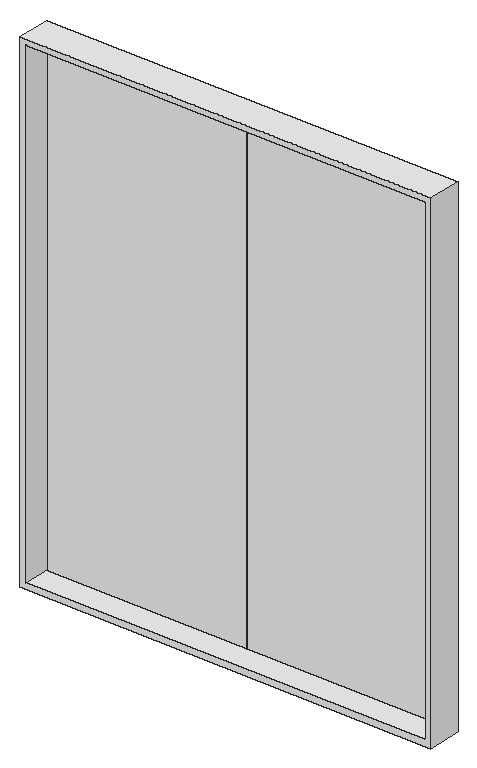
Revit family
Parameters (values of type "2500X3000 mm")
  프레임 = ""
  철물 = ""
  Assembly Code = ""
  유리/마감 = ""
  위치/개소 = ""
  부호 = "2/SD"
  문 틀 = 문 틀
  문번호 = "2"
  문기호 = "SD"
  문 = 문
  Height = 3000 mm
  Wall Closure = (empty or 0)
  Width = 2500 mm
Reference planes
  plane 1: y = 0
  plane 2 "중심(왼쪽/오른쪽)": x = 0
  plane 3 "왼쪽": x = -1250
  plane 4 "오른쪽": x = 1250
  plane 5: z = 3000
  plane 6 "외부": y = 100
  plane 7 "내부": y = -100
  plane 8: y = 60
  plane 9: x = -1230
  plane 10: x = 1230
  plane 11: x = -1215
  plane 12: x = 1215
  plane 13: y = 30
  plane 14: z = 2980
  plane 15: z = 2965
  plane 16: z = 20
  plane 17: z = 35
  plane 18: z = 2400
  plane 19: z = -300
  plane 20: z = 1000
  plane 21: x = -75
  plane 22: x = 75
Forms (mm)
  Sweep 1, solid, material "문 틀" <- "문 틀"
    path origin (0, 100, 0) x (1, 0, 0) y (0, 0, 1)
      loop
        line (1250, 0) -> (1250, 3000) -> (-1250, 3000) -> (-1250, 0) -> (1250, 0)
    profile origin (1250, 100, 1500) x (-1, 0, 0) y (0, -1, 0)
      loop
        line (0, 0) -> (20, 0) -> (20, 40) -> (35, 40) -> (35, 200) -> (0, 200) -> (0, 0)
  Extrusion 2, solid, material "문" <- "문"
    sketch origin (0, 0, 0) x (1, 0, 0) y (0, 1, 0)
      loop
        line (-1230, 60) -> (0, 60) -> (0, 100) -> (-1230, 100) -> (-1230, 60)
    from 20 to 2980
  Extrusion 3, solid, material "문" <- "문"
    sketch origin (880, 0, 0) x (1, 0, 0) y (0, 1, 0)
      loop
        line (-880, 60) -> (350, 60) -> (350, 100) -> (-880, 100) -> (-880, 60)
    from 20 to 2980
Lines and regions (mm)
  Opening 1
    outline origin (-3050, -100, 0) x (1, 0, 0) y (0, 0, 1)
      loop
        line (1800, 0) -> (4300, 0) -> (4300, 3000) -> (1800, 3000) -> (1800, 0)
  symbolic lines, style "DoorsPanelProjection"
    curve 1: line (-1230, 1329.818, 0) -> (-1190, 1329.818, 0)
    curve 3: line (1180, 1330.54, 0) -> (1230, 1330.54, 0)
    curve 13: circle (-75, 100, 1000) r 25 normal (0, 1, 0)
    curve 14: circle (75, 100, 1000) r 25 normal (0, 1, 0)
    curve 15: line (75, 100, 1065) -> (75, 100, 935)
    curve 16: line (140, 100, 1000) -> (10, 100, 1000)
    curve 17: line (-75, 100, 1065) -> (-75, 100, 935)
    curve 18: line (-10, 100, 1000) -> (-140, 100, 1000)
  symbolic lines, style "평면 스윙"
    curve 2: arc (0, 100, 0) -> (-341.741, 959.968, 0) -> (-1190, 1329.818, 0) r 1214.958
    curve 6: line (-1230, 100, 0) -> (-1230, 1329.818, 0)
    curve 7: line (-1190, 1329.818, 0) -> (-1190, 100, 0)
    curve 8: line (1180, 100, 0) -> (1180, 1330.54, 0)
    curve 9: line (1230, 1330.54, 0) -> (1230, 100, 0)
    curve 10: arc (1180, 1330.54, 0) -> (347.224, 948.075, 0) -> (0, 100, 0) r 1248.358
    curve 31: line (-1250, 100, 0) -> (1250, 100, 0)
  symbolic lines, style "입면도 스윙"
    curve 4: line (0, 100, 2980) -> (1245, 100, 1478.676)
    curve 5: line (1245, 100, 1478.676) -> (0, 100, 20)
    curve 11: line (0, -100, 20) -> (-1230, -100, 1496.765)
    curve 12: line (-1230, -100, 1496.765) -> (0, -100, 2980)
    curve 19: line (1245, 100, 5) -> (1245, 100, 2995)
    curve 20: line (1550, 100, 3000) -> (-1550, 100, 3000)
    curve 21: line (-1255, 100, -5) -> (-1255, 100, 3005)
    curve 22: line (1550, 100, 0) -> (-1550, 100, 0)
    curve 23: line (1250, 100, -300) -> (1250, 100, 2400)
    curve 24: line (1255, 100, -5) -> (1255, 100, 3005)
    curve 25: line (1255, 100, 3005) -> (-1255, 100, 3005)
    curve 26: line (1245, 100, 2995) -> (-1245, 100, 2995)
    curve 27: line (1245, 100, 5) -> (-1245, 100, 5)
    curve 28: line (1255, 100, -5) -> (-1255, 100, -5)
    curve 29: line (-1250, 100, -300) -> (-1250, 100, 2400)
    curve 30: line (-1245, 100, 5) -> (-1245, 100, 2995)
Text (mm)
  text "외부" at (-2295.016, 1099.543, 0), in view "참조 레벨"
  text "외부" at (0, 1615.38, 3698.081), in view "왼쪽"
  text "외부" at (0, 1036.032, 3874.932), in view "오른쪽"
Dimensions and locks
  equal spacing: plane 3 "왼쪽", plane 2 "중심(왼쪽/오른쪽)", plane 4 "오른쪽"
  "Width": plane 3 "왼쪽" to plane 4 "오른쪽"
  "Height": plane 5 to host wall
  host wall to plane 5 = 3000 mm  (x2)
  locked: plane 6 "외부" to host wall at 0
  locked: plane 7 "내부" to host wall
  locked: plane 3 "왼쪽" to plane 9 at 20
  locked: plane 9 to plane 11 at 15
  locked: plane 10 to plane 4 "오른쪽" at 20
  locked: plane 12 to plane 10 at 15
  locked: plane 14 to plane 5 at 20
  locked: plane 15 to plane 14 at 15
  locked: plane 8 to plane 6 "외부" at 40
  locked: plane 13 to plane 8 at 30
  locked: level to plane 16 at 20
  locked: plane 16 to plane 17 at 15
  plane 22 to Extrusion 3 to plane 21 = 75 mm locked, 75 mm locked
  locked: level to plane 20 at 1000
  curve 28 to curve 22 to curve 27 = 5 mm locked, 5 mm locked
  curve 21 to curve 29 to curve 30 = 5 mm locked, 5 mm locked
  curve 19 to curve 23 to curve 24 = 5 mm locked, 5 mm locked
  curve 26 to curve 20 to curve 25 = 5 mm locked, 5 mm locked
  locked: curve 20 to plane 3 "왼쪽" at 300
  locked: plane 4 "오른쪽" to curve 20 at 300
  locked: plane 4 "오른쪽" to curve 22 at 300
  locked: curve 22 to plane 3 "왼쪽" at 300
  aligned and locked: plane 3 "왼쪽" to Opening 1 sketch curve
  aligned and locked: plane 5 to Opening 1 sketch curve  (x2)
  aligned and locked: Opening 1 sketch curve to plane 4 "오른쪽"
  aligned and locked: Opening 1 sketch curve to level
  aligned and locked: plane 1 to host wall
  aligned and locked: Sweep 1 sketch curve to host wall
  aligned and locked: Extrusion 2 sketch curve to Sweep 1  (x2)
  aligned and locked: plane 6 "외부" to Extrusion 2 sketch curve
  aligned and locked: plane 2 "중심(왼쪽/오른쪽)" to Extrusion 2 sketch curve
  aligned and locked: Extrusion 2 to plane 14
  aligned and locked: plane 14 to Sweep 1
  aligned and locked: Extrusion 3 to plane 14
  aligned and locked: plane 15 to Sweep 1
  aligned and locked: host wall to Sweep 1 sketch curve
  aligned and locked: plane 8 to Extrusion 2
  aligned and locked: curve 9 to plane 10
  aligned and locked: curve 12 to Extrusion 2
  aligned and locked: Extrusion 3 to plane 16
  aligned and locked: Extrusion 3 to Extrusion 2
  aligned and locked: curve 11 to Extrusion 2
  aligned and locked: curve 5 to Extrusion 2
  aligned and locked: Sweep 1 sketch curve to level
  aligned and locked: curve 16 to plane 20
  aligned and locked: plane 5 to curve 20
  aligned and locked: curve 22 to level
  aligned and locked: curve 23 to Sweep 1
  aligned and locked: curve 29 to Sweep 1
  aligned and locked: curve 12 to Sweep 1
  aligned and locked: plane 6 "외부" to curve 31
  aligned and locked: plane 4 "오른쪽" to curve 31
  aligned and locked: plane 3 "왼쪽" to curve 31
Automatic sketch dimensions
  Sweep 1 sketch curve to plane 4 "오른쪽" = 0 mm
  Sweep 1 sketch curve to plane 5 = 0 mm
  Sweep 1 sketch curve to plane 6 "외부" = 0 mm
  Sweep 1 sketch curve to profile plane = 0 mm
  Sweep 1 sketch curve to Sweep 1 sketch curve = 20 mm
  Sweep 1 sketch curve to Sweep 1 sketch curve = 35 mm
  plane 6 "외부" to Sweep 1 sketch curve = 40 mm
  Extrusion 3 sketch curve to host wall = 0 mm
  Extrusion 3 sketch curve to plane 2 "중심(왼쪽/오른쪽)" = 0 mm
  Extrusion 3 sketch curve to plane 10 = 0 mm
  Extrusion 3 sketch curve to plane 8 = 0 mm
  curve 15 to plane 22 = 0 mm
  curve 14 to plane 20 = 0 mm
  curve 14 to plane 22 = 0 mm
  curve 18 to plane 20 = 0 mm
  curve 17 to plane 21 = 0 mm
  curve 13 to plane 20 = 0 mm
  curve 13 to plane 21 = 0 mm
  curve 23 to plane 19 = 0 mm
  curve 29 to plane 19 = 0 mm
  curve 23 to plane 18 = 0 mm
  curve 29 to plane 18 = 0 mm
  plane 22 to curve 16 = 65 mm
  plane 2 "중심(왼쪽/오른쪽)" to curve 16 = 10 mm
  curve 18 to plane 2 "중심(왼쪽/오른쪽)" = 10 mm
  curve 13 to curve 18 = 65 mm
  curve 17 to plane 20 = 65 mm
  curve 15 to plane 20 = 65 mm
  curve 14 to curve 15 = 65 mm
  curve 13 to curve 17 = 65 mm
  curve 11 to plane 16 = 0 mm
  curve 12 to plane 14 = 0 mm
  plane 20 to curve 12 = 496.765 mm
  curve 4 to plane 2 "중심(왼쪽/오른쪽)" = 0 mm
  curve 5 to plane 16 = 0 mm
  curve 4 to plane 14 = 0 mm
  plane 4 "오른쪽" to curve 5 = 5 mm
  plane 20 to curve 5 = 478.676 mm
  curve 6 to plane 9 = 0 mm
  curve 2 to plane 2 "중심(왼쪽/오른쪽)" = 0 mm
  curve 2 to plane 11 = 0.136 mm
  curve 7 to plane 11 = 25 mm
  plane 12 to curve 8 = 35 mm
  plane 4 "오른쪽" to curve 10 = 1.744 mm
  curve 10 to host wall = 15.95 mm
  host wall to curve 2 = 15.114 mm
  radius of curve 13 = 25 mm
  radius of curve 14 = 25 mm
